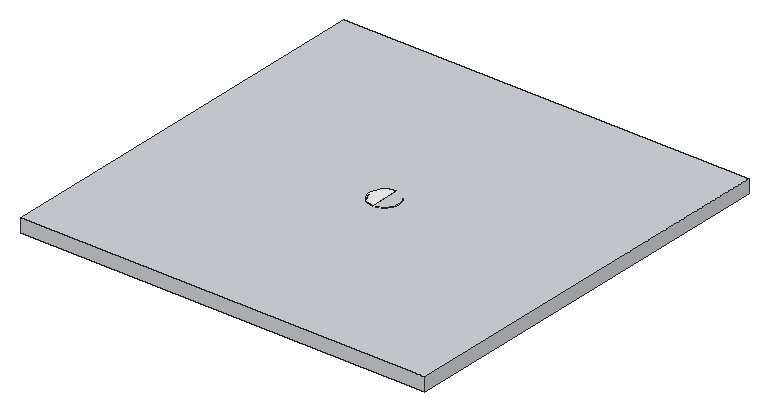
Revit family
Parameters (values of type "7" Strainer - 2" Drain")
  WFU = 0
  URL = "WWW.MIFAB.COM"
  Strainer Diameter = 7.000"
  Strainer Adjustment [instance] = 1.750"
  Pipe Radius = Pipe Diameter / 2  # 1.000"
  Pipe Diameter = 2.000"
  Model = "F1100-C-N"
  Manufacturer = "MIFAB"
  Floor Drain Material = Paint - Sherwin Williams Paint - #952C2A - Bellwood Red
  Domestic Cold Water Radius = 0.250"
  Description = "FLOOR DRAIN WITH 7\" OR 9\" TRACTOR GRATE"
  Default Elevation = 0.000"
  CWFU = 0
  Body Height = 3.375"
  Assembly Code = ""
Types (11): name | URL | Strainer Diameter | Pipe Radius | Pipe Diameter
  (no name) | "WWW.MIFAB.COM" | 7.000" | 1.000" | 2.000"
  9" Strainer - 2" Drain | "WWW.MIFAB.COM" | 9.000" | 1.000" | 2.000"
  9" Strainer - 3" Drain | "WWW.MIFAB.COM" | 9.000" | 1.500" | 3.000"
  9" Strainer - 4" Drain | "WWW.MIFAB.COM" | 9.000" | 2.000" | 4.000"
  7" Strainer - 5" Drain | "WWW.MIFAB.COM" | 7.000" | 2.500" | 5.000"
  9" Strainer - 6" Drain | "WWW,MIFAB.COM" | 9.000" | 3.000" | 6.000"
  7" Strainer - 2" Drain | "WWW.MIFAB.COM" | 7.000" | 1.000" | 2.000"
  7" Strainer - 3" Drain | "WWW.MIFAB.COM" | 7.000" | 1.500" | 3.000"
  7" Strainer - 4" Drain | "WWW.MIFAB.COM" | 7.000" | 2.000" | 4.000"
  9" Strainer - 5" Drain | "WWW.MIFAB.COM" | 9.000" | 2.500" | 5.000"
  7" Strainer - 6" Drain | "WWW.MIFAB.COM" | 7.000" | 3.000" | 6.000"
Reference planes (in)
  plane 1 "Center (Front/Back)": y = 0
  plane 2: z = 0
  plane 3 "Center (Left/Right)": x = 0
  plane 4: y = -3.5
  plane 5: y = 3.5
  plane 6: y = 4
  plane 7: y = -4
  plane 8: y = -1
  plane 9: y = 1
  plane 10: z = -0.125
  plane 11: z = -1.75
  plane 12: z = -5.125
  plane 13: z = -2.19702
  plane 14: y = 2.6
  plane 15: y = -2.6
  plane 16: z = -2.56326
  plane 17: y = 1.6
  plane 18: y = -1.6
  plane 19: x = -2.6
  plane 20: x = 2.6
  plane 21: z = -1
  plane 22: y = 4.303
  plane 23: y = -4.303
Forms (in)
  Extrusion 1, solid
    sketch origin (0, 0, 0) x (1, 0, 0) y (0, 1, 0)
      loop
        line (-48, 48) -> (-48, -48) -> (48, -48) -> (48, 48) -> (-48, 48)
    from 0 to -3.22361
  Revolve 2, solid, material "Paint - Sherwin Williams Paint - #952C2A - Bellwood Red" <- "Floor Drain Material"
    sketch origin (0, 0.04396, 0) x (0, 1, 0) y (0, 0, 1)
      loop
        line (-3.3241, -1.75) -> (-4.04396, -1.75) -> (-4.04396, -2.01052) -> (-3.55321, -2.01052) -> (-3.55321, -3.51738) -> (-1.29396, -4.23079) -> (-1.29396, -5.125) -> (-1.04396, -5.125) -> (-1.04396, -4.1) -> (-3.3241, -3.37999) -> (-3.3241, -1.75)
      axis (-0.04396, -1.75) -> (-0.04396, -5.125)
    angle from 0 to 360
  Revolve 3, solid, material "Paint - Sherwin Williams Paint - #952C2A - Bellwood Red" <- "Floor Drain Material"
    sketch origin (0, 0, 0) x (0, 1, 0) y (0, 0, 1)
      loop
        line (-4, -1.75) -> (-2.20024, -1.75) -> (-2.20024, -1.5) -> (-2.30024, -1.5) -> (-2.30024, -1.65) -> (-4, -1.65) -> (-4, -1.75)
      axis (0, -1.5) -> (0, -1.75)
    angle from 0 to 360
  Revolve 4, solid, material "Paint - Sherwin Williams Paint - #952C2A - Bellwood Red" <- "Floor Drain Material"
    sketch origin (0, 0.15, 0) x (0, 1, 0) y (0, 0, 1)
      loop
        line (-2.1875, -2.19702) -> (-2.1875, -1.14084) -> (-3.453, -0.803) -> (-3.453, -0.22031) -> (-0.15, -0.22031) -> (-0.15, 0) -> (-3.65, 0) -> (-3.65, -1) -> (-3.453, -1) -> (-2.35024, -1.29439) -> (-2.35024, -2.19702) -> (-2.1875, -2.19702)
      axis (-0.15, 0) -> (-0.15, -2.19702)
    angle from 0 to 360
  Revolve 5, solid, material "Paint - Sherwin Williams Paint - #952C2A - Bellwood Red" <- "Floor Drain Material"
    sketch origin (0.5187, 0, 0) x (1, 0, 0) y (0, 0, 1)
      loop
        line (-4.4739, -2.56326) -> (-3.5177, -2.56326) -> (-3.5177, -2.21946) -> (-4.06457, -2.21946) -> (-4.15837, -2.31326) -> (-4.4739, -2.31326) -> (-4.4739, -2.56326)
      axis (-3.5177, -2.56326) -> (-4.4739, -2.56326)
    angle from 0 to 360
Cuts and joins
  joined: Revolve 2, Revolve 5
Lines and regions (in)
  symbolic lines
    curve 1: circle (0, 0, 0) r 3.50925 normal (0, 0, 1)
    curve 2: line (-3.95621, 0.25055, 0) -> (-3.5003, 0.25055, 0)
    curve 3: line (-3.95621, 0.25055, 0) -> (-3.95621, -0.24945, 0)
    curve 4: line (-3.95621, -0.24945, 0) -> (-3.50037, -0.24945, 0)
Dimensions and locks (in)
  equal spacing: plane 5, plane 1 "Center (Front/Back)", plane 4
  "Strainer Diameter": plane 5 to plane 4
  equal spacing: plane 6, plane 1 "Center (Front/Back)", plane 7
  plane 6 to plane 7 = 8.000"
  equal spacing: plane 9, plane 1 "Center (Front/Back)", plane 8
  "Pipe Diameter": plane 9 to plane 8
  "Pipe Radius": plane 1 "Center (Front/Back)" to plane 8
  locked: plane 10 to Extrusion 1 at 0.125
  "Strainer Adjustment": level to plane 11
  "Body Height": plane 11 to plane 12
  locked: plane 11 to plane 13 at 0.44702
  Revolve 5 sketch curve to Revolve 5 sketch curve to plane 16 = 0.09379" locked, 0.250" locked
  locked: plane 11 to plane 16 at 0.81326
  level to plane 21 = 1.000"  (x2)
  locked: Revolve 4 sketch curve to plane 4 at 0.197
  locked: Revolve 4 sketch curve to Revolve 4 sketch curve at 0.19033
  Revolve 2 sketch curve to Revolve 2 sketch curve = 0.200"
  Revolve 3 sketch curve to Revolve 3 sketch curve = 0.100"
  Revolve 4 sketch curve to Revolve 4 sketch curve to Revolve 4 sketch curve to plane 4 = 0.16274", 1.10276", 0.197"
  aligned and locked: plane 2 to Extrusion 1
  aligned and locked: level to Extrusion 1
  aligned and locked: Revolve 4 sketch curve to plane 1 "Center (Front/Back)"
  aligned and locked: Revolve 2 to Revolve 3 sketch curve
  aligned and locked: plane 7 to Revolve 2 sketch curve
  aligned: Revolve 3 to Revolve 4  (x2)
  aligned and locked: Revolve 2 sketch curve to plane 8
  aligned and locked: Revolve 4 sketch curve to level
  aligned and locked: Revolve 4 sketch curve to plane 13
  aligned and locked: Revolve 4 sketch curve to plane 4
  aligned and locked: plane 16 to Revolve 5 sketch curve  (x2)
  aligned and locked: Revolve 4 sketch curve to plane 21
  aligned and locked: plane 1 "Center (Front/Back)" to Revolve 4 sketch curve
  aligned and locked: Revolve 2 sketch curve to plane 11
  aligned and locked: plane 12 to Revolve 2 sketch curve
  aligned and locked: Revolve 4 to Revolve 3 sketch curve
Automatic sketch dimensions
  Extrusion 1 sketch curve to Extrusion 1 sketch curve = 96.000"  (x2)
  Revolve 5 sketch curve to plane 3 "Center (Left/Right)" = 3.9552"
  Revolve 5 sketch curve to Revolve 5 sketch curve = 0.31553"
  Revolve 5 sketch curve to Revolve 5 sketch curve = 0.09379"
  Revolve 5 sketch curve to Revolve 5 sketch curve = 0.47507"
  Revolve 5 sketch curve to Revolve 5 sketch curve = 0.1656"
  Revolve 5 sketch curve to Revolve 5 sketch curve = 0.625"
  plane 10 to Revolve 4 sketch curve = 0.09531"
  plane 11 to Revolve 4 sketch curve = 0.2446"
  Revolve 4 sketch curve to plane 21 = 0.29439"
  Revolve 4 sketch curve to Revolve 4 sketch curve = 1.19115"
  Revolve 2 sketch curve to plane 1 "Center (Front/Back)" = 0.000"
  Revolve 2 sketch curve to Revolve 2 sketch curve = 0.49075"
  Revolve 2 sketch curve to Revolve 2 sketch curve = 0.22911"
  Revolve 2 sketch curve to Revolve 2 sketch curve = 0.13739"
  Revolve 2 sketch curve to Revolve 2 sketch curve = 0.89421"
  Revolve 2 sketch curve to Revolve 2 sketch curve = 0.13079"
  Revolve 2 sketch curve to plane 11 = 0.26052"
  Revolve 2 sketch curve to plane 11 = 0.250"
  plane 12 to Revolve 2 sketch curve = 0.000"
  Revolve 3 sketch curve to plane 1 "Center (Front/Back)" = 0.000"
  Revolve 3 sketch curve to plane 11 = 0.000"
  Revolve 3 sketch curve to level = 0.000"
  Revolve 3 sketch curve to plane 11 = 0.33323"
  Revolve 3 sketch curve to Revolve 3 sketch curve = 0.100"
  Revolve 3 sketch curve to Revolve 3 sketch curve = 0.150"
  plane 1 "Center (Front/Back)" to curve 1 = 0.000"
  curve 1 to plane 3 "Center (Left/Right)" = 0.000"
  curve 2 to plane 1 "Center (Front/Back)" = 0.25055"
  plane 1 "Center (Front/Back)" to curve 4 = 0.24945"
  curve 4 to curve 2 = 0.00008"
  curve 3 to curve 4 = 0.45583"
Connectors (in)
  piping at (0, 0, -5.125), driven by "Pipe Radius", driven by "WFU"
    settings: on Revolve 2, index 1, connector radius 1", flow factor 0, pipe flow 0 GPM, pressure drop 0.00 psi, fitting loss kfactor 0, connector angle 0.00°, fixture units 0, flow configuration 3, flow direction 2, fitting loss method 0, system type 16, connector reference index -1, connector utility 0, adjustable connector no, is connector primary yes, fitting loss table "", connector description "Sanitary Out"
  piping at (-3.9552, 0, -2.56326), driven by "Domestic Cold Water Radius", driven by "CWFU"
    settings: on Revolve 5, index 2, connector radius 1/4", flow factor 0, pipe flow 0 GPM, pressure drop 0.00 psi, fitting loss kfactor 0, connector angle 0.00°, fixture units 0, flow configuration 3, flow direction 1, fitting loss method 0, system type 20, connector reference index -1, connector utility 0, adjustable connector no, is connector primary no, fitting loss table "", connector description "Domestic Cold Water In"
